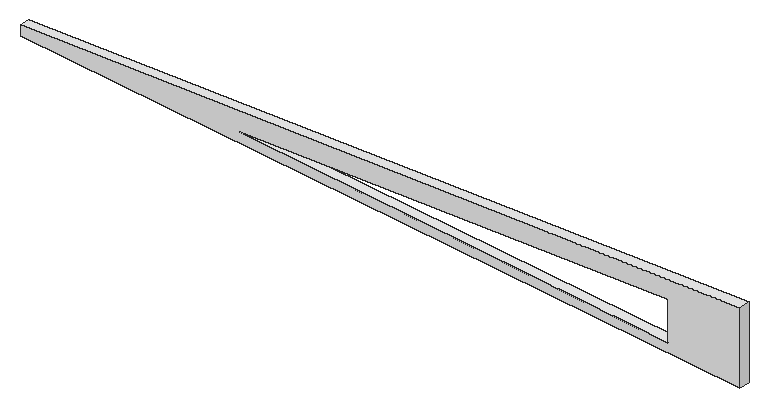
Revit family "Brise Solei - Arm", category 난간동자, Revit 2026
Family settings
  항상 수직 = 예
  로드될 때 보이드를 사용하여 절단 = 아니오
  공유 = 아니오
Parameters (values of type "2m Arm at 0degrees")
  built-in parameter 1008623 [instance] = (empty or 0)
  built-in parameter 1008625 [instance] = (empty or 0)
  Post = no
  Pitch = 0.00°
  built-in parameter 1008624 [instance] = (empty or 0)
  Blade Dp at Mounted End = 200 mm
  Blade Dp Ext Edge = 25 mm
  built-in parameter 1008622 [instance] = 750 mm
  Arm Thickness = 30 mm
  Arm Length = 2000 mm
Types (5, lengths in mm): name | Pitch | Arm Length
  (no name) | 0.00° | 2000
  2m Arm at 5degrees | 5.00° | 2000
  3m Arm at 5degrees | 5.00° | 3000
  3m Arm at 0degrees | 0.00° | 3000
  2m Arm at 0degrees | 0.00° | 2000
Reference planes
  plane 1 "Center (Front/Back)": y = 30.862
  plane 2: z = 0
  plane 3 "Center (Left/Right)": x = 0.898
  plane 4 "Top": z = 750
  plane 5 "Top of Post": z = 900
  plane 6: y = 2030.862
  plane 7: x = -1999.102
  plane 8: y = 15.862
  plane 9: y = 45.862
Forms (mm)
  Extrusion 1, solid, material "Metal - Steel"
    sketch origin (0, 30.862, 0) x (1, 0, 0) y (0, 0, 1)
      loop
        line (0.898, 0) -> (-1999.102, 0) -> (-1999.102, -25) -> (0.898, -200) -> (0.898, 0)
      loop
        line (-199.102, -50) -> (-1426.582, -50) -> (-199.102, -157.404) -> (-199.102, -50)
    from -15 to 15
Lines and regions (mm)
  symbolic lines, style "InvisibleLines"
    curve 1: line (0.898, 0, 0) -> (-1999.102, 0, 0)
Text (mm)
  text "Baluster Post Elevation" at (0, 664.106, 1100.357), in view "Left"
Dimensions and locks
  "built-in parameter 1008622": plane 2 to plane 4 "Top"
  "Arm Length": plane 7 to plane 3 "Center (Left/Right)"
  equal spacing: plane 8, plane 1 "Center (Front/Back)", plane 9
  "Arm Thickness": plane 8 to plane 9
  "Blade Dp Ext Edge": Extrusion 1 sketch curve to Extrusion 1 sketch curve
  "Blade Dp at Mounted End": level to Extrusion 1 sketch curve
  locked: plane 3 "Center (Left/Right)" to Extrusion 1 sketch curve at 200
  locked: Extrusion 1 sketch curve to Extrusion 1 sketch curve at 50
  locked: Extrusion 1 sketch curve to Extrusion 1 sketch curve at 25
  "Pitch": angle curve 1 to level
  aligned and locked: plane 3 "Center (Left/Right)" to curve 1
  aligned and locked: Extrusion 1 sketch curve to curve 1
  aligned and locked: Extrusion 1 sketch curve to plane 3 "Center (Left/Right)"
  aligned and locked: plane 7 to Extrusion 1 sketch curve
  aligned and locked: Extrusion 1 to plane 9
  aligned and locked: plane 8 to Extrusion 1
Automatic sketch dimensions
  curve 1 to plane 7 = 0 mm
  curve 1 to level = 0 mm
